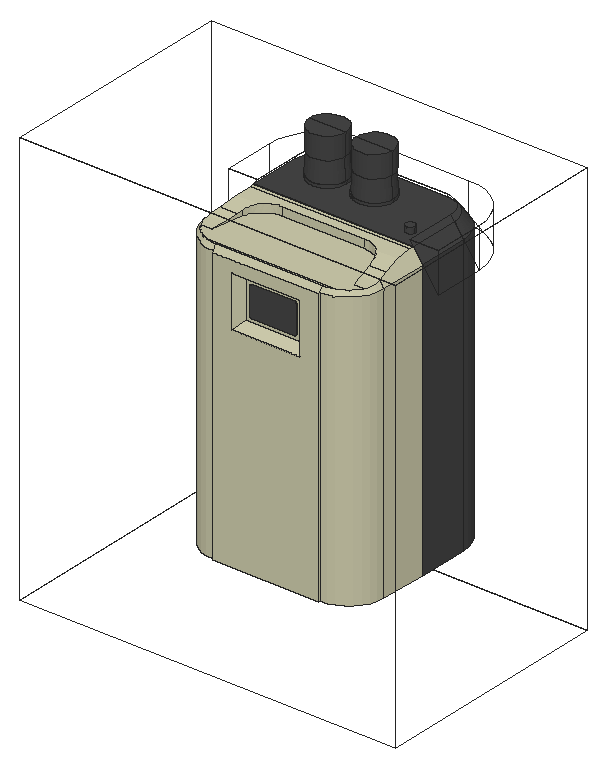
Revit family "Boiler-Weil-McLain-150C", category Mechanical Equipment, Revit 2018
Family settings
  Round Connector Dimension = Use Radius
  Part Type = Normal
  OmniClass Number = 23.75.10.11.14.14
  OmniClass Title = Condensing Boilers
  Work Plane-Based = No
  Always vertical = Yes
  Cut with Voids When Loaded = No
  Shared = No
  Room Calculation Point = No
Parameters (values of type "199-C")
  Width = 20.00"
  Warranty = "https://www.weil-mclain.com/warranties"
  Voltage = 120 V
  URL = "https://www.weil-mclain.com/"
  Product Page URL = ""
  Product Name = ""
  Product Documentation Link = ""
  Phase = 1
  Model = "199-C"
  Material = ""
  Manufacturer Phone Number = "855-248-1777"  # constant formula
  Manufacturer Fax = "630-560-3769"  # constant formula
  Manufacturer Contact Information = "https://www.weil-mclain.com/contact"
  Manufacturer Address = "999 McClintock Drive, Suite 200, Burr Ridge, IL 60527"  # constant formula
  Manufacturer = "Weil-McLain"  # constant formula
  Height = 32.21875"
  Gas Connection Size = 1/2"
  Gas Connection Radius = Gas Connection Size / 2  # 1/4"
  Front Casing = Plastic - Weil-McLain - Paint Tan
  Frequency = 60 Hz
  Feet = Plastic - Weil-Mclain - Plastic - White
  Description = ""
  Depth = 11.00"
  Clearance Depth = 18.45824"
  Clearance [instance] = yes
  Boiler Water Out Radius = Boiler Water Out / 2  # 3/8"
  Boiler Water Out = 3/4"
  Boiler Water In Radius = Boiler Water In / 2  # 1/2"
  Boiler Water In = 1"
  Back Casing = Metal - Weil-Mclain - Paint Black
  Air Vent Radius = 1 1/2"
Types (4): name | Model
  (no name) | "199-C"
  110-C | "110-C"
  150-C | "150-C"
  199-C | "199-C"
Reference planes (in)
  plane 1 "Center (Front/Back)": y = 0
  plane 2: z = 0
  plane 3 "Center (Left/Right)": x = 0
  plane 4: y = 7.44
  plane 5: x = -10
  plane 6: x = 10
  plane 7: z = 32.73125
  plane 8: y = 17.5
  plane 9 "Top": z = 34.66875
  plane 10: x = 12.39542
  plane 11: y = 11.40248
  plane 12: z = 34.32702
  plane 13: x = 7.28821
  plane 14: x = 8.28821
  plane 15 "Bottom": z = -0.00051
  plane 16: z = 2.45
  plane 17: y = 11.39557
  plane 18: z = 2.74026
  plane 19: y = 0.83832
  plane 20: z = 32.8875
  plane 21: x = 10.14267
  plane 22: x = -10.14267
  plane 23: x = -7.28821
  plane 24: x = -8.28821
  plane 25: y = 14.70994
  plane 26: y = 1.84069
  plane 27 "Left": x = -23.27824
  plane 28 "Right": x = 18.89824
  plane 29: x = -4.82
  plane 30: x = 0.44
  plane 31 "Front": y = -7.52996
  plane 32 "Back": y = 19.47004
  plane 33: x = 9.7313
  plane 34: x = -9.7313
  plane 35: z = 38.89929
  plane 36: z = -7.675
  plane 37: z = 24.6375
  plane 38: z = 5.5125
  plane 39: y = 17.20005
  plane 40: x = 6.95
  plane 41: y = 9.50005
  plane 42: y = 12.62005
Forms (in)
  Extrusion 1, solid, material "Metal - Weil-Mclain - Sheet Metal"
    sketch origin (0, 0.1754, -6.34961) x (0, 1, 0) y (0, 0, 1)
      loop
        circle (11.22017, 9.08987) r 0.375
      loop
        circle (11.22017, 9.08987) r 0.44051
    from -9.39815 to -8.51562
  Extrusion 2, solid, material "Clearances - Weil McLain", visible <- "Clearance"
    sketch origin (0, 0, 0) x (1, 0, 0) y (0, 1, 0)
      loop
        line (-23.27824, 19.47004) -> (-23.27824, -7.52996) -> (18.89824, -7.52996) -> (18.89824, 19.47004) -> (-23.27824, 19.47004)
    from -7.675 to 38.89929
  Extrusion 3, solid, material "Metal - Weil-Mclain - Paint Black" <- "Back Casing"
    sketch origin (0, 0, 0) x (1, 0, 0) y (0, 1, 0)
      loop
        arc (-6, 17.20005) -> (-8.82843, 16.02848) -> (-10, 13.20005) r 4
        line (-10, 13.20005) -> (-10, 7.44) -> (10, 7.44) -> (10, 13.20005)
        arc (10, 13.20005) -> (8.82843, 16.02848) -> (6, 17.20005) r 4
        line (6, 17.20005) -> (-6, 17.20005)
    from 0 to 32.73125
  Sweep 4, void
    path in 3D
      loop
        line (10, 7.44, 32.73125) -> (10, 13.20005, 32.73125)
        arc (10, 13.20005, 32.73125) -> (8.82843, 16.02848, 32.73125) -> (6, 17.20005, 32.73125) r 4
        line (6, 17.20005, 32.73125) -> (-6, 17.20005, 32.73125)
        arc (-6, 17.20005, 32.73125) -> (-8.82843, 16.02848, 32.73125) -> (-10, 13.20005, 32.73125) r 4
        line (-10, 13.20005, 32.73125) -> (-10, 7.44, 32.73125)
    profile origin (-10, 10.32002, 32.73125) x (1, 0, 0) y (0, 0, 1)
      loop
        line (1.41316, 0.56516) -> (-1.74624, 0.56516) -> (-1.74624, -3.94693) -> (1.41316, 0.56516)
  Extrusion 5, solid, material "Metal - Weil-Mclain - Paint Black"
    sketch origin (0, 0, 0) x (1, 0, 0) y (0, 1, 0)
      loop
        circle (6.95, 9.50005) r 0.51641
    from 33.29641 to 32.35911
  Revolve 6, solid, material "Metal - Weil-Mclain - Paint Black"
    sketch origin (8.53821, 12.62005, 48) x (1, 0, 0) y (0, 0, 1)
      loop
        line (-13.35821, -10.14872) -> (-15.39324, -10.14872) -> (-15.39324, -12.56255) -> (-15.28916, -12.56255) -> (-15.42163, -14.99323) -> (-15.50348, -14.99466) -> (-15.50348, -15.26875) -> (-13.35821, -15.26875) -> (-13.35821, -10.14872)
      axis (-13.35821, -10.14872) -> (-13.35821, -15.26875)
    angle from 0 to 360
  Revolve 7, solid, material "Metal - Weil-Mclain - Paint Black"
    sketch origin (13.79821, 12.62005, 48) x (1, 0, 0) y (0, 0, 1)
      loop
        line (-13.35821, -10.14872) -> (-15.39324, -10.14872) -> (-15.39324, -12.56255) -> (-15.28916, -12.56255) -> (-15.42163, -14.99323) -> (-15.50348, -14.99466) -> (-15.50348, -15.26875) -> (-13.35821, -15.26875) -> (-13.35821, -10.14872)
      axis (-13.35821, -10.14872) -> (-13.35821, -15.26875)
    angle from 0 to 360
  Extrusion 8, solid, material "Metal - Weil-Mclain - Paint Black"
    sketch origin (0, 0, 0) x (1, 0, 0) y (0, 1, 0)
      loop
        circle (-7.25508, 2.84706) r 0.34762
    from -0.86614 to 0
  Extrusion 9, solid, material "Metal - Weil-Mclain - Paint Black"
    sketch origin (6.28362, 3.16277, 0) x (1, 0, 0) y (0, 1, 0)
      loop
        circle (-7.25508, 2.71062) r 0.48406
    from -0.86614 to 0
  Extrusion 10, solid, material "Metal - Weil-Mclain - Paint Black"
    sketch origin (3.72556, 3.16277, 0) x (1, 0, 0) y (0, 1, 0)
      loop
        circle (-7.25508, 2.71062) r 0.48406
    from -0.86614 to 0
  Extrusion 11, solid, material "Metal - Weil-Mclain - Paint Black"
    sketch origin (11.53749, 3.16277, 0) x (1, 0, 0) y (0, 1, 0)
      loop
        circle (-7.25508, 2.71062) r 0.48406
    from -0.86614 to 0
  Extrusion 12, solid, material "Metal - Weil-Mclain - Paint Black"
    sketch origin (14.09556, 3.16277, 0) x (1, 0, 0) y (0, 1, 0)
      loop
        circle (-7.25508, 2.71062) r 0.48406
    from -0.86614 to 0
Cuts and joins
  Sweep 4 cuts Extrusion 2
  Sweep 4 cuts Extrusion 3
Lines and regions (in)
  Masking region 1
    outline origin (0, 0, 0) x (1, 0, 0) y (0, 1, 0)
      loop
        line (10, 7.44) -> (10, 13.20005)
        arc (10, 13.20005) -> (8.82843, 16.02848) -> (6, 17.20005) r 4
        line (6, 17.20005) -> (-6, 17.20005)
        arc (-6, 17.20005) -> (-8.82843, 16.02848) -> (-10, 13.20005) r 4
        line (-10, 13.20005) -> (-10, 7.44) -> (10, 7.44)
  Masking region 2, detail levels fine
    outline origin (0, 0, 0) x (1, 0, 0) y (0, 1, 0)
      loop
        line (10, 12.65128) -> (10, 10.92356) -> (10.74805, 10.92356) -> (10.74805, 10.81039) -> (11.46751, 10.81039) -> (11.46751, 10.91052) -> (11.59503, 10.91052) -> (11.59503, 10.81039) -> (12.39542, 10.81039) -> (12.39542, 12.7638) -> (11.59541, 12.7638) -> (11.59541, 12.66306) -> (11.46725, 12.66306) -> (11.46725, 12.7638) -> (10.75, 12.7638) -> (10.75, 12.65128) -> (10, 12.65128)
      loop
        line (-10, 11.82998) -> (-10.88253, 11.82998) -> (-10.88253, 10.94895) -> (-10, 10.94895) -> (-10, 11.82998)
  symbolic lines, detail levels medium+fine
    curve 1: circle (-4.82384, 12.88241, 0) r 1.5 normal (0, 0, 1)
    curve 2: circle (0.44274, 12.86822, 0) r 1.5 normal (0, 0, 1)
  symbolic lines, visible <- "Clearance"
    curve 3: line (-23.27824, 19.47004, 0) -> (18.89824, 19.47004, 0)
    curve 4: line (-23.27824, -7.52996, 0) -> (-23.27824, 19.47004, 0)
    curve 5: line (18.89824, -7.52996, 0) -> (-23.27824, -7.52996, 0)
    curve 6: line (18.89824, 19.47004, 0) -> (18.89824, -7.52996, 0)
  sketch lines
    curve 7: line (-10, 13.20005, 32.73125) -> (-10, 7.44, 32.73125)
    curve 8: arc (-10, 13.20005, 32.73125) -> (-8.82843, 16.02848, 32.73125) -> (-6, 17.20005, 32.73125) r 4
    curve 9: line (6, 17.20005, 32.73125) -> (-6, 17.20005, 32.73125)
    curve 10: arc (6, 17.20005, 32.73125) -> (8.82843, 16.02848, 32.73125) -> (10, 13.20005, 32.73125) r 4
    curve 11: line (10, 7.44, 32.73125) -> (10, 13.20005, 32.73125)
Dimensions and locks (in)
  equal spacing: plane 5, plane 3 "Center (Left/Right)", plane 6
  "Width": plane 5 to plane 6
  "Height": plane 9 "Top" to plane 16
  plane 11 to plane 17 = 0.00691"
  plane 16 to level = 2.45"
  plane 12 to level = 34.32702"
  locked: plane 9 "Top" to plane 7 at 1.9375
  locked: plane 20 to plane 7 at 0.15625
  plane 8 to plane 11 to plane 4 to plane 19 to plane 1 "Center (Front/Back)" = 6.09752", 3.96248", 6.60168", 0.83832"
  plane 18 to level = 2.74026"
  plane 5 to plane 24 to plane 23 = 1.71179" locked, 1.00" locked
  plane 13 to plane 14 to plane 6 = 1.00" locked, 1.71179" locked
  locked: plane 8 to plane 25 at 2.79006
  locked: plane 26 to plane 19 at 1.00237
  "Clearance Depth": plane 27 "Left" to plane 29
  "Clearance Depth": plane 30 to plane 28 "Right"
  plane 5 to plane 29 = 5.18"
  plane 5 to plane 30 = 10.44"
  locked: plane 8 to Extrusion 2 sketch curve at 1.97004
  plane 9 "Top" to plane 20 to plane 7 = 1.78125", 0.15625"
  locked: plane 32 "Back" to plane 8 at 1.97004
  plane 1 "Center (Front/Back)" to plane 31 "Front" = 7.52996"
  plane 34 to plane 5 to plane 22 = 0.2687" locked, 0.14267" locked
  plane 33 to plane 6 to plane 21 = 0.2687" locked, 0.14267" locked
  plane 30 to plane 3 "Center (Left/Right)" to plane 29 = 0.44", 4.82"
  locked: plane 21 to plane 10 at 2.25275
  locked: plane 35 to plane 12 at 4.57226
  locked: plane 16 to plane 36 at 10.125
  locked: plane 38 to plane 16 at 3.0625
  locked: plane 37 to plane 38 at 19.125
  plane 6 to plane 5 = 20.00"
  plane 5 to plane 40 = 16.95"
  plane 41 to plane 39 = 7.70"
  locked: plane 41 to Extrusion 5 sketch curve at 0
  locked: plane 40 to Extrusion 5 sketch curve
  locked: plane 41 to Extrusion 5 sketch curve at 0.51641
  locked: plane 42 to plane 39 at 4.58
  plane 7 to level = 32.73125"
  "Air Vent Radius": radius of curve 1
  "Air Vent Radius": radius of curve 2
  aligned and locked: level to plane 2
  aligned and locked: plane 17 to Extrusion 1 sketch curve  (x2)
  aligned and locked: plane 18 to Extrusion 1 sketch curve  (x2)
  aligned and locked: plane 27 "Left" to Extrusion 2 sketch curve
  aligned and locked: Extrusion 2 sketch curve to plane 28 "Right"
  aligned and locked: plane 3 "Center (Left/Right)" to nested 1
  aligned and locked: plane 4 to nested 1
  aligned and locked: Extrusion 2 to plane 36
  aligned and locked: plane 35 to Extrusion 2
  aligned and locked: plane 39 to Masking region 1 sketch curve
  aligned and locked: Revolve 6 sketch curve to plane 29  (x2)
  aligned and locked: Revolve 6 sketch curve to plane 7
  aligned and locked: Revolve 7 sketch curve to plane 30
  aligned and locked: plane 30 to Revolve 7 sketch curve
  aligned and locked: plane 7 to Extrusion 3
  aligned and locked: nested 1 to level
Automatic sketch dimensions
  Extrusion 2 sketch curve to plane 31 "Front" = 0.00"
  Masking region 1 sketch curve to plane 5 = 0.00"
  Masking region 1 sketch curve to plane 6 = 0.00"
  Masking region 1 sketch curve to plane 4 = 0.00"
  Masking region 1 sketch curve to plane 29 = 1.18"
  Masking region 1 sketch curve to plane 42 = 0.58"
  Masking region 2 sketch curve to plane 5 = 0.00"
  Masking region 2 sketch curve to plane 6 = 0.00"
  Masking region 2 sketch curve to plane 10 = 0.00"
  Masking region 2 sketch curve to plane 22 = 0.73986"
  Masking region 2 sketch curve to plane 21 = 0.60538"
  Masking region 2 sketch curve to plane 42 = 0.03123"
  Masking region 2 sketch curve to plane 21 = 0.60733"
  Masking region 2 sketch curve to plane 42 = 0.14375"
  Masking region 2 sketch curve to Masking region 2 sketch curve = 0.71725"
  Masking region 2 sketch curve to Masking region 2 sketch curve = 0.71946"
  Masking region 2 sketch curve to Masking region 2 sketch curve = 0.12751"
  Masking region 2 sketch curve to plane 42 = 0.04301"
  Masking region 2 sketch curve to Masking region 2 sketch curve = 0.12816"
  plane 11 to Masking region 2 sketch curve = 0.42749"
  Masking region 2 sketch curve to plane 11 = 0.45353"
  Masking region 2 sketch curve to plane 11 = 0.47892"
  Masking region 2 sketch curve to plane 11 = 0.49197"
  Masking region 2 sketch curve to Masking region 2 sketch curve = 0.10013"
  Masking region 2 sketch curve to plane 11 = 0.59209"
  Masking region 2 sketch curve to Masking region 2 sketch curve = 0.10073"
  Extrusion 3 sketch curve to plane 4 = 0.00"
  Extrusion 3 sketch curve to plane 5 = 0.00"
  plane 39 to Extrusion 3 sketch curve = 0.00"
  Extrusion 3 sketch curve to plane 6 = 0.00"
  Extrusion 3 sketch curve to plane 42 = 0.58"  (x2)
  profile plane to Sweep 4 sketch curve = 0.56516"
  profile plane to Sweep 4 sketch curve = 1.74624"
  Sweep 4 sketch curve to profile plane = 1.41316"
  Sweep 4 sketch curve to profile plane = 3.94693"
  Revolve 6 sketch curve to plane 23 = 0.53727"
  Revolve 6 sketch curve to Revolve 6 sketch curve = 0.10407"
  plane 20 to Revolve 6 sketch curve = 0.11927"
  Revolve 6 sketch curve to plane 23 = 0.4048"
  Revolve 6 sketch curve to Revolve 6 sketch curve = 0.08185"
  Revolve 6 sketch curve to Revolve 6 sketch curve = 0.00143"
  plane 9 "Top" to Revolve 6 sketch curve = 0.7687"
  Revolve 6 sketch curve to plane 35 = 1.04801"
  Revolve 6 sketch curve to plane 36 = 2.625"
  plane 35 to Revolve 6 sketch curve = 58.80071"
  Revolve 7 sketch curve to plane 7 = 0.00"
  Revolve 7 sketch curve to plane 3 "Center (Left/Right)" = 1.49095"
  Revolve 7 sketch curve to Revolve 7 sketch curve = 0.10407"
  plane 20 to Revolve 7 sketch curve = 0.11927"
  Revolve 7 sketch curve to plane 3 "Center (Left/Right)" = 1.62341"
  Revolve 7 sketch curve to Revolve 7 sketch curve = 0.08185"
  Revolve 7 sketch curve to Revolve 7 sketch curve = 0.00143"
  plane 9 "Top" to Revolve 7 sketch curve = 0.7687"
  Revolve 7 sketch curve to plane 35 = 1.04801"
  Revolve 7 sketch curve to plane 36 = 2.625"
  plane 35 to Revolve 7 sketch curve = 58.80071"
  Extrusion 8 sketch curve to plane 23 = 0.03314"
  plane 26 to Extrusion 8 sketch curve = 1.00637"
  plane 29 to Extrusion 10 sketch curve = 1.29048"
  Extrusion 10 sketch curve to plane 4 = 1.56661"
  Extrusion 11 sketch curve to plane 40 = 2.66758"
  Extrusion 11 sketch curve to plane 4 = 1.56661"
  Extrusion 12 sketch curve to plane 40 = 0.10952"
  Extrusion 12 sketch curve to plane 4 = 1.56661"
  curve 5 to plane 27 "Left" = 0.00"
  curve 5 to plane 28 "Right" = 0.00"
  curve 4 to plane 31 "Front" = 0.00"
  plane 32 "Back" to curve 3 = 0.00"
  curve 1 to plane 29 = 0.00384"
  curve 2 to plane 30 = 0.00274"
  curve 2 to plane 42 = 0.24818"
  curve 1 to plane 42 = 0.26236"
  radius of Extrusion 1 sketch curve = 0.375"
  radius of Extrusion 1 sketch curve = 0.44051"
  radius of Extrusion 8 sketch curve = 0.34762"
  radius of Extrusion 10 sketch curve = 0.48406"
  radius of Extrusion 11 sketch curve = 0.48406"
  radius of Extrusion 12 sketch curve = 0.48406"
Nested families (in)
  nested 1: "Evergreen_Gas_Boiler-Front_Case_EVG" at (0, 1.94, -4.51134), type "Evergreen_Gas_Boiler-Front_Case_EVG"
Connectors (in)
  piping at (-4.82, 12.62005, 37.85128), diameter 3, driven by "Air Vent Radius"
    settings: on Revolve 6, index 6, connector inside diameter 24", connector length 0.00", flow factor 0, pipe flow 0 GPM, pressure drop 0.00 psi, fitting loss kfactor 0, connector angle 0.00°, fixture units 0, engagement length 0.00", angle of deflection 0.00°, flow configuration 0, flow direction 2, fitting loss method 0, system type 17, joint type 0, gender type 0, connector reference index -1, connector utility 0, adjustable connector no, is connector primary yes, connector description "Vent Connection"
  piping at (0.44, 12.62005, 37.85128), diameter 3, driven by "Air Vent Radius"
    settings: on Revolve 7, index 7, connector inside diameter 24", connector length 0.00", flow factor 0, pipe flow 0 GPM, pressure drop 0.00 psi, fitting loss kfactor 0, connector angle 0.00°, fixture units 0, engagement length 0.00", angle of deflection 0.00°, flow configuration 0, flow direction 2, fitting loss method 0, system type 17, joint type 0, gender type 0, connector reference index -1, connector utility 0, adjustable connector no, is connector primary no, connector description "Air Connection"
  piping at (6.95, 9.50005, 32.35911), diameter 1, driven by "Boiler Water In Radius"
    settings: on Extrusion 5, index 8, connector inside diameter 24", connector length 0.00", flow factor 0, pipe flow 0 GPM, pressure drop 0.00 psi, fitting loss kfactor 0, connector angle 0.00°, fixture units 0, engagement length 0.00", angle of deflection 0.00°, flow configuration 0, flow direction 1, fitting loss method 0, system type 20, joint type 0, gender type 0, connector reference index -1, connector utility 0, adjustable connector no, is connector primary no, connector description "Water Supply Connection"
  piping at (-7.25508, 2.84706, -0.86614), diameter 0.5, driven by "Gas Connection Radius"
    settings: on Extrusion 8, index 9, connector inside diameter 24", connector length 0.00", flow factor 0, pipe flow 0 GPM, pressure drop 0.00 psi, fitting loss kfactor 0, connector angle 0.00°, fixture units 0, engagement length 0.00", angle of deflection 0.00°, flow configuration 0, flow direction 1, fitting loss method 0, system type 22, joint type 0, gender type 0, connector reference index -1, connector utility 0, adjustable connector no, is connector primary no, connector description "Gas Connection"
  piping at (6.84048, 5.87339, -0.86614), diameter 0.75, driven by "Boiler Water Out Radius"
    settings: on Extrusion 12, index 10, connector inside diameter 24", connector length 0.00", flow factor 0, pipe flow 0 GPM, pressure drop 0.00 psi, fitting loss kfactor 0, connector angle 0.00°, fixture units 0, engagement length 0.00", angle of deflection 0.00°, flow configuration 0, flow direction 0, fitting loss method 0, system type 19, joint type 0, gender type 0, connector reference index -1, connector utility 0, adjustable connector no, is connector primary no, connector description "Water Return Connection"
  piping at (-0.97146, 5.87339, -0.86614), diameter 0.75, driven by "Boiler Water Out Radius"
    settings: on Extrusion 9, index 11, connector inside diameter 24", connector length 0.00", flow factor 0, pipe flow 0 GPM, pressure drop 0.00 psi, fitting loss kfactor 0, connector angle 0.00°, fixture units 0, engagement length 0.00", angle of deflection 0.00°, flow configuration 0, flow direction 0, fitting loss method 0, system type 19, joint type 0, gender type 0, connector reference index -1, connector utility 0, adjustable connector no, is connector primary no, connector description "Water Return Connection"
Definition of nested family "Evergreen_Gas_Boiler-Front_Case_EVG"
  Parameters (values of type "Evergreen_Gas_Boiler-Front_Case_EVG")
    Width = 23.00"
    Name Plate = none
    Logo = none
    Front Casting = none
    Depth = 11.00"
  Reference planes (in)
    plane 1 "Center (Front/Back)": y = 0
    plane 2: z = 0
    plane 3 "Center (Left/Right)": x = 0
    plane 4: y = 5.5
    plane 5: y = -5.5
    plane 6: x = -11.5
    plane 7: x = 11.5
    plane 8: z = 42.3125
    plane 9: z = 27.94201
    plane 10: z = 22.94201
    plane 11: z = 17.94201
    plane 12: z = 12.94201
    plane 13: z = 7.94201
    plane 14: z = 32.94201
    plane 15: z = 4.5
    plane 16: y = -5.54341
    plane 17: y = -3.5
    plane 18: y = -5.57466
    plane 19: z = 33.43168
    plane 20: x = -2.43245
  Forms (in)
    Extrusion 1, solid, material <- "Front Casting"
      sketch origin (0, 0, 0) x (1, 0, 0) y (0, 1, 0)
        loop
          arc (-9.99832, 0.08866) -> (-8.82694, -2.7393) -> (-5.99899, -3.91067) r 3.99933
          line (-5.99899, -3.91067) -> (-5.96218, -4.01065) -> (5.96218, -4.01065) -> (5.99899, -3.91067)
          arc (5.99899, -3.91067) -> (8.82694, -2.7393) -> (9.99832, 0.08866) r 3.99933
          line (9.99832, 0.08866) -> (9.99832, 5.5) -> (-9.99832, 5.5) -> (-9.99832, 0.08866)
      from 2.71694 to 37.2309
    Extrusion 2, void
      sketch origin (0, 0, 10.5) x (0, 1, 0) y (0, 0, 1)
        loop
          line (-3.37148, 25.73065) -> (-1.64647, 25.73065)
          arc (-1.64647, 25.73065) -> (-0.17154, 25.84) -> (1.27113, 26.16566) r 10.00171
          arc (1.27113, 26.16566) -> (3.18824, 26.59515) -> (5.14817, 26.7309) r 13.00228
          line (5.14817, 26.7309) -> (7.5551, 26.7309) -> (7.5551, 31.8125) -> (-6.62148, 31.8125) -> (-6.62148, 25.73065) -> (-3.37148, 25.73065)
      from -10.91475 to 12
    Extrusion 3, void
      sketch origin (0, 0, 0) x (0, 1, 0) y (0, 0, 1)
        loop
          line (-5, 4.69462) -> (-5, -1.5) -> (8, -1.5) -> (8, 4.4677) -> (-5, 4.69462)
      from -12.69592 to 12
    SweptBlend 4, void
      path origin (0, -1.23506, 0) x (1, 0, 0) y (0, 1, 0)
        loop
          line (0, -1.72755) -> (0, -2.77559)
      profile origin (0, -2.96262, 0) x (1, 0, 0) y (0, 0, 1)
        loop
          line (-3.07545, 29.33143) -> (3.07426, 29.33143) -> (3.07426, 33.53101) -> (-3.07545, 33.53101) -> (-3.07545, 29.33143)
      end profile origin (0, -4.01065, 0) x (1, 0, 0) y (0, 0, 1)
        loop
          line (-3.82551, 28.58138) -> (3.82502, 28.58138) -> (3.82502, 34.28177) -> (-3.82551, 34.28177) -> (-3.82551, 28.58138)
    Extrusion 5, solid, material <- "Name Plate"
      sketch origin (0, 0, 0) x (1, 0, 0) y (0, 0, 1)
        loop
          line (-2.62519, 32.91161) -> (-2.62519, 29.95133)
          arc (-2.62519, 29.95133) -> (-2.54606, 29.76047) -> (-2.35517, 29.68143) r 0.27002
          line (-2.35517, 29.68143) -> (2.35516, 29.68143)
          arc (2.35516, 29.68143) -> (2.54609, 29.76051) -> (2.62517, 29.95144) r 0.27002
          line (2.62517, 29.95144) -> (2.62517, 32.91164)
          arc (2.62517, 32.91164) -> (2.54609, 33.10256) -> (2.35516, 33.18165) r 0.27001
          line (2.35516, 33.18165) -> (-2.35515, 33.18165)
          arc (-2.35515, 33.18165) -> (-2.5461, 33.10255) -> (-2.62519, 32.91161) r 0.27004
      from 2.89785 to 2.96921
    Sweep 6, void
      path origin (0, 0, 0) x (1, 0, 0) y (0, 1, 0)
        loop
          line (-9.99832, 5.5) -> (-9.99832, 0.08866)
          arc (-9.99832, 0.08866) -> (-8.82694, -2.7393) -> (-5.99899, -3.91067) r 3.99933
          line (-5.99899, -3.91067) -> (5.99899, -3.91067)
          arc (5.99899, -3.91067) -> (8.82694, -2.7393) -> (9.99832, 0.08866) r 3.99933
          line (9.99832, 0.08866) -> (9.99832, 5.5)
      profile origin (-9.99832, 2.79433, 0) x (1, 0, 0) y (0, 0, 1)
        loop
          line (2.22419, 38.90637) -> (-0.93823, 38.90637) -> (-0.93823, 34.38997) -> (2.22419, 38.90637)
    Extrusion 7, void
      sketch origin (0, 0, 0) x (1, 0, 0) y (0, 1, 0)
        loop
          spline (-4.62459, 3.96909) -> (-4.94769, 3.95095) -> (-5.26483, 3.89674) -> (-5.57216, 3.80713) -> (-5.86593, 3.6832) -> (-6.14255, 3.52648) -> (-6.39865, 3.33887) -> (-6.63112, 3.12266) -> (-6.83711, 2.88048) -> (-7.01411, 2.61529) -> (-7.15997, 2.33032) -> (-7.2729, 2.02905) -> (-7.35153, 1.71514)
          line (-7.35153, 1.71514) -> (-7.99499, -1.64226) -> (-13.25, -1.64226) -> (-13.25, -7.64226) -> (14.25, -7.64226) -> (14.25, -1.64226) -> (7.99499, -1.64226) -> (7.35132, 1.71626)
          spline (7.35132, 1.71626) -> (7.27259, 2.03004) -> (7.15959, 2.33118) -> (7.01368, 2.61602) -> (6.83666, 2.88108) -> (6.63067, 3.12313) -> (6.39822, 3.33923) -> (6.14216, 3.52674) -> (5.86559, 3.68337) -> (5.5719, 3.80722) -> (5.26465, 3.89678) -> (4.94759, 3.95096) -> (4.62459, 3.96909)
          line (4.62459, 3.96909) -> (-4.62459, 3.96909)
      from 36.23065 to 41.09734
  Cuts and joins
    Extrusion 2, Extrusion 3, SweptBlend 4, Sweep 6, Extrusion 7 cuts Extrusion 1
  Lines and regions (in)
    symbolic lines
      curve 1: line (-34.71151, 0, 37.23) -> (21.28849, 0, 37.23)
      curve 2: line (0, 5.5, 37.2309) -> (0, 5.14817, 37.2309)
      curve 3: arc (0, 1.27113, 36.66566) -> (0, 3.18824, 37.09515) -> (0, 5.14817, 37.2309) r 13.00228
      curve 4: arc (0, 1.27113, 36.66566) -> (0, -0.17154, 36.34) -> (0, -1.64647, 36.23065) r 10.00171
      curve 5: line (0, -1.64647, 36.23065) -> (0, -3.37148, 36.23065)
      curve 6: line (-3.82551, 0, 34.28177) -> (3.82502, 0, 34.28177)
      curve 7: line (-3.82551, 0, 28.58138) -> (-3.82551, 0, 34.28177)
      curve 8: line (3.82502, 0, 28.58138) -> (-3.82551, 0, 28.58138)
      curve 9: line (3.82502, 0, 34.28177) -> (3.82502, 0, 28.58138)
      curve 10: line (-3.07545, 0, 33.53101) -> (3.07426, 0, 33.53101)
      curve 11: line (-3.07545, 0, 29.33143) -> (-3.07545, 0, 33.53101)
      curve 12: line (3.07426, 0, 29.33143) -> (-3.07545, 0, 29.33143)
      curve 13: line (3.07426, 0, 33.53101) -> (3.07426, 0, 29.33143)
      curve 14: line (2.35516, 0, 33.18165) -> (-2.35515, 0, 33.18165)
      curve 15: arc (-2.35515, 0, 33.18165) -> (-2.5461, 0, 33.10255) -> (-2.62519, 0, 32.91161) r 0.27004
      curve 16: line (-2.62519, 0, 32.91161) -> (-2.62519, 0, 29.95133)
      curve 17: arc (-2.62519, 0, 29.95133) -> (-2.54606, 0, 29.76047) -> (-2.35517, 0, 29.68143) r 0.27002
      curve 18: line (-2.35517, 0, 29.68143) -> (2.35516, 0, 29.68143)
      curve 19: arc (2.35516, 0, 29.68143) -> (2.54609, 0, 29.76051) -> (2.62517, 0, 29.95144) r 0.27002
      curve 20: line (2.62517, 0, 29.95144) -> (2.62517, 0, 32.91164)
      curve 21: arc (2.62517, 0, 32.91164) -> (2.54609, 0, 33.10256) -> (2.35516, 0, 33.18165) r 0.27001
      curve 22: line (-10.00068, 0, 37.2309) -> (10.00068, 0, 37.2309)
      curve 23: line (-10.00068, 0, 31.78159) -> (-10.00068, 0, 37.2309)
      curve 24: line (10.00068, 0, 31.31737) -> (10.00068, 0, 37.2309)
  Dimensions and locks (in)
    equal spacing: plane 4, plane 1 "Center (Front/Back)", plane 5
    equal spacing: plane 6, plane 3 "Center (Left/Right)", plane 7
    "Width": plane 6 to plane 7
    "Depth": plane 4 to plane 5
    plane 8 to level = 42.3125"
    cut or joined group of Extrusion 1, Extrusion 2, Extrusion 3, SweptBlend 4, Sweep 6, Extrusion 7 to plane 15 = 32.7309"
    curve 1 to plane 15 = 32.73"
    aligned and locked: plane 2 to level
  Automatic sketch dimensions
    plane 4 to Extrusion 3 sketch curve = 2.50"
    Extrusion 3 sketch curve to level = 1.50"
    Extrusion 3 sketch curve to plane 15 = 0.0323"
    plane 5 to Extrusion 3 sketch curve = 0.50"
    plane 15 to Extrusion 3 sketch curve = 0.19462"
    SweptBlend 4 sketch curve to plane 3 "Center (Left/Right)" = 0.00"
    SweptBlend 4 sketch curve to plane 17 = 0.51065"
    SweptBlend 4 sketch curve to SweptBlend 4 sketch curve = 1.04804"
    Extrusion 1 sketch curve to plane 1 "Center (Front/Back)" = 0.08866"  (x3)
    Extrusion 1 sketch curve to plane 20 = 3.56655"
    plane 7 to Extrusion 1 sketch curve = 5.50101"
    plane 6 to Extrusion 1 sketch curve = 1.50168"
    Extrusion 1 sketch curve to Extrusion 1 sketch curve = 0.00"  (x3)
    plane 4 to Extrusion 1 sketch curve = 0.00"
    Extrusion 1 sketch curve to Extrusion 1 sketch curve = 0.03681"  (x2)
    Extrusion 1 sketch curve to plane 17 = 0.51065"
    plane 7 to Extrusion 1 sketch curve = 1.50168"
    Sweep 6 sketch curve to plane 4 = 0.00"  (x2)
    Sweep 6 sketch curve to plane 1 "Center (Front/Back)" = 0.08866"  (x2)
    Sweep 6 sketch curve to plane 20 = 3.56655"
    plane 6 to Sweep 6 sketch curve = 1.50168"  (x2)
    plane 7 to Sweep 6 sketch curve = 1.50168"  (x2)
    Sweep 6 sketch curve to Sweep 6 sketch curve = 0.00"  (x2)
    level to Sweep 6 sketch curve = 38.90637"
    profile plane to Sweep 6 sketch curve = 0.93823"
    Sweep 6 sketch curve to profile plane = 2.22419"
    Sweep 6 sketch curve to Sweep 6 sketch curve = 4.51641"
    curve 5 to plane 4 = 7.14647"
    curve 3 to plane 4 = 0.43597"
    curve 4 to curve 2 = 6.79464"
    level to curve 3 = 24.2289"
    curve 3 to curve 5 = 12.00176"
    curve 4 to curve 2 = 1.00025"
    curve 5 to curve 4 = 10.00171"
    curve 5 to plane 4 = 8.87148"
    curve 2 to curve 2 = 0.35183"
    Extrusion 2 sketch curve to plane 8 = 0.00"
    plane 4 to Extrusion 2 sketch curve = 2.0551"
    Extrusion 2 sketch curve to plane 4 = 0.35183"
    Extrusion 2 sketch curve to plane 4 = 0.43597"
    plane 1 "Center (Front/Back)" to Extrusion 2 sketch curve = 1.64647"
    plane 17 to Extrusion 2 sketch curve = 0.12852"
    Extrusion 2 sketch curve to plane 18 = 1.04682"
    plane 19 to Extrusion 2 sketch curve = 3.79922"
    plane 19 to Extrusion 2 sketch curve = 2.79897"
    plane 10 to Extrusion 2 sketch curve = 1.28688"
    plane 8 to Extrusion 2 sketch curve = 3.91987"
    plane 7 to curve 22 = 21.50068"
    curve 23 to curve 7 = 6.17518"
    curve 6 to curve 11 = 0.75005"
    curve 10 to curve 16 = 0.45027"
    curve 16 to curve 18 = 0.27002"
    curve 15 to curve 14 = 0.27004"
    curve 17 to curve 19 = 4.71032"
    curve 19 to curve 21 = 0.00001"
    curve 21 to curve 20 = 0.27001"
    curve 20 to curve 12 = 0.44908"
    curve 10 to curve 9 = 0.75076"
    curve 6 to curve 24 = 6.17567"
    curve 8 to plane 8 = 13.73112"
    curve 8 to curve 13 = 0.75005"
    curve 11 to curve 18 = 0.35"
    curve 17 to curve 16 = 0.2699"
    curve 17 to curve 16 = 2.96028"
    curve 15 to curve 11 = 0.6194"
    curve 10 to curve 7 = 0.75076"
    curve 6 to curve 23 = 2.94914"
    curve 1 to plane 7 = 9.78849"
    curve 1 to plane 6 = 23.21151"
    curve 24 to curve 22 = 5.91353"
    curve 23 to curve 22 = 5.44931"
    profile plane to SweptBlend 4 sketch curve = 3.07545"
    SweptBlend 4 sketch curve to profile plane = 3.07426"
    level to SweptBlend 4 sketch curve = 29.33143"
    SweptBlend 4 sketch curve to SweptBlend 4 sketch curve = 4.19958"
    profile plane to SweptBlend 4 sketch curve = 3.82551"
    SweptBlend 4 sketch curve to profile plane = 3.82502"
    level to SweptBlend 4 sketch curve = 28.58138"
    SweptBlend 4 sketch curve to SweptBlend 4 sketch curve = 5.70039"
    Extrusion 5 sketch curve to plane 14 = 0.03041"
    Extrusion 5 sketch curve to plane 20 = 0.19274"
    plane 20 to Extrusion 5 sketch curve = 0.07728"
    plane 20 to Extrusion 5 sketch curve = 0.0773"
    plane 3 "Center (Left/Right)" to Extrusion 5 sketch curve = 2.35516"  (x2)
    Extrusion 5 sketch curve to plane 14 = 0.03038"
    plane 9 to Extrusion 5 sketch curve = 2.00943"
    Extrusion 5 sketch curve to Extrusion 5 sketch curve = 2.96019"
    Extrusion 7 sketch curve to plane 6 = 1.75"
    plane 1 "Center (Front/Back)" to Extrusion 7 sketch curve = 1.64226"  (x2)
    plane 6 to Extrusion 7 sketch curve = 3.50501"
    Extrusion 7 sketch curve to plane 1 "Center (Front/Back)" = 1.71626"
    plane 7 to Extrusion 7 sketch curve = 4.14868"
    Extrusion 7 sketch curve to Extrusion 7 sketch curve = 0.64367"
    Extrusion 7 sketch curve to plane 18 = 2.0676"
    Extrusion 7 sketch curve to plane 1 "Center (Front/Back)" = 1.71514"  (x2)
    Extrusion 7 sketch curve to Extrusion 7 sketch curve = 0.64345"
    Extrusion 7 sketch curve to Extrusion 7 sketch curve = 0.00"  (x4)
    Extrusion 7 sketch curve to Extrusion 7 sketch curve = 0.95288"
    Extrusion 7 sketch curve to Extrusion 7 sketch curve = 1.77406"
    Extrusion 7 sketch curve to plane 1 "Center (Front/Back)" = 0.99317"  (x2)
    Extrusion 7 sketch curve to Extrusion 7 sketch curve = 2.89171"
    Extrusion 7 sketch curve to Extrusion 7 sketch curve = 2.8915"
    Extrusion 7 sketch curve to Extrusion 7 sketch curve = 0.16477"
    Extrusion 7 sketch curve to Extrusion 7 sketch curve = 0.95266"
    Extrusion 7 sketch curve to plane 7 = 2.75"
